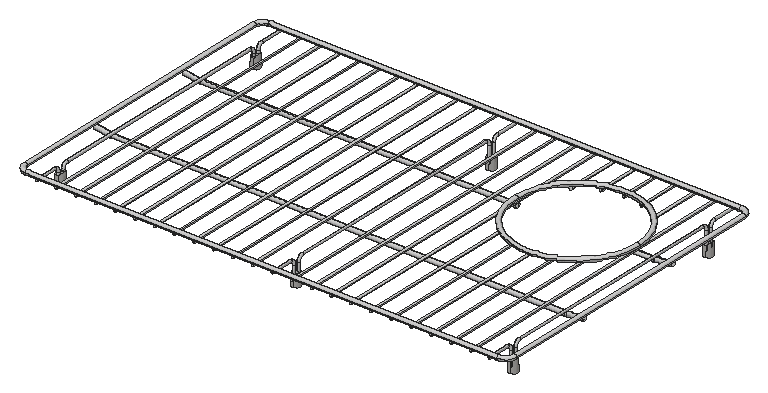
Revit family "Accessory-Sink_Rack-KOHLER-K-33716 ", category Specialty Equipment, host Face, Revit 2021 (continued)
Definition of nested family "K-33716"
  Lines and regions (in)
    Masking region 2
      outline origin (0, 0, 0) x (1, 0, 0) y (0, 0, 1)
        loop
          arc (10.7360801, 0.2008967) -> (10.7350105, 0.184016) -> (10.7301289, 0.1678212) r 0.0738665
          line (10.7301289, 0.1678212) -> (10.7361607, 0.0507324)
          arc (10.7361607, 0.0507324) -> (10.7307074, 0.032097) -> (10.714835, 0.0209131) r 0.0294324
          arc (10.714835, 0.0209131) -> (10.560387, -0.0007358) -> (10.4059019, 0.0206475) r 0.5652245
          arc (10.4059019, 0.0206475) -> (10.3892644, 0.0323384) -> (10.3835451, 0.0518518) r 0.0307852
          line (10.3835451, 0.0518518) -> (10.3895192, 0.1678212)
          arc (10.3895192, 0.1678212) -> (10.3846376, 0.184016) -> (10.383568, 0.2008967) r 0.0738665
          line (10.383568, 0.2008967) -> (10.4082205, 0.6794485)
          arc (10.4082205, 0.6794485) -> (10.4176018, 0.699834) -> (10.438443, 0.7081542) r 0.0302626
          line (10.438443, 0.7081542) -> (10.5073312, 0.7081542) -> (10.5073312, 1.1102362) -> (0.4937722, 1.1102362) -> (0.4937722, 0.7585914) -> (0.5652892, 0.7592767)
          arc (0.5652892, 0.7592767) -> (0.5840427, 0.7500995) -> (0.5923039, 0.7309248) r 0.0300783
          line (0.5923039, 0.7309248) -> (0.6168915, 0.2617661)
          arc (0.6168915, 0.2617661) -> (0.6160958, 0.2457525) -> (0.6120722, 0.2302322) r 0.0787259
          line (0.6120722, 0.2302322) -> (0.6173386, 0.1363222)
          arc (0.6173386, 0.1363222) -> (0.6128022, 0.119837) -> (0.5992236, 0.1094466) r 0.0268091
          arc (0.5992236, 0.1094466) -> (0.4416879, 0.0826766) -> (0.2837425, 0.1069122) r 0.5005979
          arc (0.2837425, 0.1069122) -> (0.2693211, 0.1176745) -> (0.2644773, 0.1350048) r 0.0278822
          line (0.2644773, 0.1350048) -> (0.2698175, 0.2302322)
          arc (0.2698175, 0.2302322) -> (0.265794, 0.2457525) -> (0.2649983, 0.2617661) r 0.0787259
          line (0.2649983, 0.2617661) -> (0.2895858, 0.7309248)
          arc (0.2895858, 0.7309248) -> (0.2990414, 0.7512847) -> (0.3199612, 0.759427) r 0.0300783
          line (0.3199612, 0.759427) -> (0.3883755, 0.7586576) -> (0.3883755, 1.1102362) -> (-10.4986829, 1.1102362) -> (-10.4986829, 1.0670309) -> (-10.4263637, 1.0670309)
          arc (-10.4263637, 1.0670309) -> (-10.4071271, 1.0593472) -> (-10.3984779, 1.0405249) r 0.0279218
          line (-10.3984779, 1.0405249) -> (-10.3752022, 0.5820752)
          arc (-10.3752022, 0.5820752) -> (-10.3752111, 0.5607623) -> (-10.3773962, 0.5395617) r 0.208453
          line (-10.3773962, 0.5395617) -> (-10.3749057, 0.5001973)
          arc (-10.3749057, 0.5001973) -> (-10.3806707, 0.4845131) -> (-10.3945067, 0.4751431) r 0.0272489
          arc (-10.3945067, 0.4751431) -> (-10.5509485, 0.452756) -> (-10.707419, 0.4749424) r 0.5603162
          arc (-10.707419, 0.4749424) -> (-10.7214599, 0.4843631) -> (-10.7274577, 0.5001721) r 0.0278343
          line (-10.7274577, 0.5001721) -> (-10.7252933, 0.5471899)
          arc (-10.7252933, 0.5471899) -> (-10.7266019, 0.5647724) -> (-10.7264229, 0.5824026) r 0.2088618
          line (-10.7264229, 0.5824026) -> (-10.7022823, 1.0404633)
          arc (-10.7022823, 1.0404633) -> (-10.6936098, 1.0592193) -> (-10.6744141, 1.0668693) r 0.0279087
          line (-10.6744141, 1.0668693) -> (-10.6036617, 1.0668693) -> (-10.6036617, 1.1117312) -> (-11.4296039, 1.2163738) -> (-11.4059313, 1.4032209)
          arc (-11.4059313, 1.4032209) -> (-11.4966117, 1.4983606) -> (-11.4029346, 1.5905512) r 0.0936891
          line (-11.4029346, 1.5905512) -> (11.405551, 1.5905512)
          arc (11.405551, 1.5905512) -> (11.4994791, 1.4969866) -> (11.4062794, 1.4026965) r 0.0939288
          line (11.4062794, 1.4026965) -> (11.4307649, 1.2168021) -> (10.6128099, 1.1111408) -> (10.6128099, 0.7076606) -> (10.6786793, 0.7083554)
        loop
          line (-10.4986918, 1.2992126) -> (-9.6488885, 1.2992126)
          arc (-9.6488885, 1.2992126) -> (-9.6876277, 1.3511147) -> (-9.6488885, 1.4030168) r 0.0541383
          line (-9.6488885, 1.4030168) -> (-10.5447633, 1.4030168)
          arc (-10.5447633, 1.4030168) -> (-10.5091002, 1.3819627) -> (-10.4986918, 1.3418778) r 0.054238
          line (-10.4986918, 1.3418778) -> (-10.4986918, 1.2992126)
        loop
          line (-11.3712419, 1.4030819) -> (-10.6036441, 1.3011141) -> (-10.6036441, 1.3460698)
          arc (-10.6036441, 1.3460698) -> (-10.5925477, 1.3822607) -> (-10.5609346, 1.4030819) r 0.0558959
          line (-10.5609346, 1.4030819) -> (-11.3712419, 1.4030819)
        loop
          line (11.3544245, 1.4030168) -> (10.569525, 1.4030168)
          arc (10.569525, 1.4030168) -> (10.6008503, 1.3826739) -> (10.6130106, 1.3473577) r 0.057363
          line (10.6130106, 1.3473577) -> (10.6130106, 1.2994275) -> (11.3544245, 1.4030168)
        loop
          line (10.5073312, 1.2992126) -> (10.5073312, 1.3489527)
          arc (10.5073312, 1.3489527) -> (10.5191431, 1.3832568) -> (10.5495707, 1.4030168) r 0.0557192
          line (10.5495707, 1.4030168) -> (9.7275457, 1.4030168)
          arc (9.7275457, 1.4030168) -> (9.7681586, 1.3511147) -> (9.7275457, 1.2992126) r 0.0534711
          line (9.7275457, 1.2992126) -> (10.5073312, 1.2992126)
        loop
          line (0.4937722, 1.2992126) -> (1.3388757, 1.2992126)
          arc (1.3388757, 1.2992126) -> (1.304245, 1.3511147) -> (1.3388757, 1.4030168) r 0.056209
          line (1.3388757, 1.4030168) -> (0.4519991, 1.4030168)
          arc (0.4519991, 1.4030168) -> (0.4819454, 1.3857272) -> (0.4937722, 1.3532336) r 0.0505512
          line (0.4937722, 1.3532336) -> (0.4937722, 1.2992126)
        loop
          line (0.3883755, 1.2992126) -> (0.3883755, 1.3496969)
          arc (0.3883755, 1.3496969) -> (0.4000248, 1.3835289) -> (0.4300335, 1.4030168) r 0.0549521
          line (0.4300335, 1.4030168) -> (-0.464029, 1.4030168)
          arc (-0.464029, 1.4030168) -> (-0.4216063, 1.3511147) -> (-0.464029, 1.2992126) r 0.0529612
          line (-0.464029, 1.2992126) -> (0.3883755, 1.2992126)
        loop
          arc (-9.6227313, 1.4030168) -> (-9.581514, 1.3511147) -> (-9.6227313, 1.2992126) r 0.053287
          line (-9.6227313, 1.2992126) -> (-8.7376038, 1.2992126)
          arc (-8.7376038, 1.2992126) -> (-8.771843, 1.3511147) -> (-8.7376038, 1.4030168) r 0.056458
          line (-8.7376038, 1.4030168) -> (-9.6227313, 1.4030168)
        loop
          line (-8.703564, 1.2992126) -> (-7.8213348, 1.2992126)
          arc (-7.8213348, 1.2992126) -> (-7.8557754, 1.3511147) -> (-7.8213348, 1.4030168) r 0.0563286
          line (-7.8213348, 1.4030168) -> (-8.7144743, 1.4030168)
          arc (-8.7144743, 1.4030168) -> (-8.6663995, 1.3555942) -> (-8.703564, 1.2992126) r 0.0532044
        loop
          arc (-7.7949835, 1.4030168) -> (-7.7501505, 1.354054) -> (-7.787564, 1.2992126) r 0.0534507
          line (-7.787564, 1.2992126) -> (-6.9039357, 1.2992126)
          arc (-6.9039357, 1.2992126) -> (-6.939445, 1.3511147) -> (-6.9039357, 1.4030168) r 0.0556859
          line (-6.9039357, 1.4030168) -> (-7.7949835, 1.4030168)
        loop
          arc (-6.8718741, 1.4030168) -> (-6.8339313, 1.3511147) -> (-6.8718741, 1.2992126) r 0.0544699
          line (-6.8718741, 1.2992126) -> (-5.9871708, 1.2992126)
          arc (-5.9871708, 1.2992126) -> (-6.0238583, 1.3511147) -> (-5.9871708, 1.4030168) r 0.0550569
          line (-5.9871708, 1.4030168) -> (-6.8718741, 1.4030168)
        loop
          arc (-5.9597496, 1.4030168) -> (-5.9178439, 1.3511147) -> (-5.9597496, 1.2992126) r 0.0530944
          line (-5.9597496, 1.2992126) -> (-5.0755569, 1.2992126)
          arc (-5.0755569, 1.2992126) -> (-5.1077722, 1.3511147) -> (-5.0755569, 1.4030168) r 0.0579173
          line (-5.0755569, 1.4030168) -> (-5.9597496, 1.4030168)
        loop
          arc (-5.0445077, 1.4030168) -> (-5.0020901, 1.3511147) -> (-5.0445077, 1.2992126) r 0.0529624
          line (-5.0445077, 1.2992126) -> (-4.1577547, 1.2992126)
          arc (-4.1577547, 1.2992126) -> (-4.1916269, 1.3511147) -> (-4.1577547, 1.4030168) r 0.0567007
          line (-4.1577547, 1.4030168) -> (-5.0445077, 1.4030168)
        loop
          arc (-4.1269586, 1.4030168) -> (-4.0859185, 1.3511147) -> (-4.1269586, 1.2992126) r 0.0533395
          line (-4.1269586, 1.2992126) -> (-3.2484249, 1.2992126)
          arc (-3.2484249, 1.2992126) -> (-3.2756251, 1.3511147) -> (-3.2484249, 1.4030168) r 0.0631186
          line (-3.2484249, 1.4030168) -> (-4.1269586, 1.4030168)
        loop
          arc (-3.2051504, 1.4030168) -> (-3.1698544, 1.3511147) -> (-3.2051504, 1.2992126) r 0.0558085
          line (-3.2051504, 1.2992126) -> (-2.318204, 1.2992126)
          arc (-2.318204, 1.2992126) -> (-2.3602297, 1.3511147) -> (-2.318204, 1.4030168) r 0.0530626
          line (-2.318204, 1.4030168) -> (-3.2051504, 1.4030168)
        loop
          arc (-2.2961303, 1.4030168) -> (-2.2540902, 1.3511147) -> (-2.2961303, 1.2992126) r 0.0530588
          line (-2.2961303, 1.2992126) -> (-1.4054654, 1.2992126)
          arc (-1.4054654, 1.2992126) -> (-1.4440891, 1.3511147) -> (-1.4054654, 1.4030168) r 0.0541846
          line (-1.4054654, 1.4030168) -> (-2.2961303, 1.4030168)
        loop
          arc (-1.380238, 1.4030168) -> (-1.3390621, 1.3511147) -> (-1.380238, 1.2992126) r 0.0532991
          line (-1.380238, 1.2992126) -> (-0.4882403, 1.2992126)
          arc (-0.4882403, 1.2992126) -> (-0.5278368, 1.3511147) -> (-0.4882403, 1.4030168) r 0.0538142
          line (-0.4882403, 1.4030168) -> (-1.380238, 1.4030168)
        loop
          arc (1.3704101, 1.4030168) -> (1.4102077, 1.3511147) -> (1.3704101, 1.2992126) r 0.0537429
          line (1.3704101, 1.2992126) -> (2.260332, 1.2992126)
          arc (2.260332, 1.2992126) -> (2.2203721, 1.3511147) -> (2.260332, 1.4030168) r 0.0536866
          line (2.260332, 1.4030168) -> (1.3704101, 1.4030168)
        loop
          arc (2.2738316, 1.4030168) -> (2.3262449, 1.3574614) -> (2.288436, 1.2992126) r 0.0529294
          line (2.288436, 1.2992126) -> (3.1717793, 1.2992126)
          arc (3.1717793, 1.2992126) -> (3.1361767, 1.3511147) -> (3.1717793, 1.4030168) r 0.0556332
          line (3.1717793, 1.4030168) -> (2.2738316, 1.4030168)
        loop
          arc (3.1992921, 1.4030168) -> (3.240196, 1.3511147) -> (3.1992921, 1.2992126) r 0.0533807
          line (3.1992921, 1.2992126) -> (4.0867391, 1.2992126)
          arc (4.0867391, 1.2992126) -> (4.052253, 1.3511147) -> (4.0867391, 1.4030168) r 0.0562998
          line (4.0867391, 1.4030168) -> (3.1992921, 1.4030168)
        loop
          arc (4.1133166, 1.4030168) -> (4.1577684, 1.3539193) -> (4.120436, 1.2992126) r 0.0535097
          line (4.120436, 1.2992126) -> (5.0230807, 1.2992126)
          arc (5.0230807, 1.2992126) -> (4.9873728, 1.3511147) -> (5.0230807, 1.4030168) r 0.0555742
          line (5.0230807, 1.4030168) -> (4.1133166, 1.4030168)
        loop
          arc (5.0526502, 1.4030168) -> (5.0929096, 1.3511147) -> (5.0526502, 1.2992126) r 0.0535856
          line (5.0526502, 1.2992126) -> (5.953625, 1.2992126)
          arc (5.953625, 1.2992126) -> (5.9223737, 1.3511147) -> (5.953625, 1.4030168) r 0.0587251
          line (5.953625, 1.4030168) -> (5.0526502, 1.4030168)
        loop
          arc (5.9831773, 1.4030168) -> (6.0277634, 1.3539787) -> (5.990436, 1.2992126) r 0.0534949
          line (5.990436, 1.2992126) -> (6.8948457, 1.2992126)
          arc (6.8948457, 1.2992126) -> (6.857476, 1.3534449) -> (6.900838, 1.4030168) r 0.0536397
          line (6.900838, 1.4030168) -> (5.9831773, 1.4030168)
        loop
          arc (6.9174255, 1.4030168) -> (6.9627348, 1.3543021) -> (6.925436, 1.2992126) r 0.0534201
          line (6.925436, 1.2992126) -> (7.8316177, 1.2992126)
          arc (7.8316177, 1.2992126) -> (7.7920708, 1.3511147) -> (7.8316177, 1.4030168) r 0.053832
          line (7.8316177, 1.4030168) -> (6.9174255, 1.4030168)
        loop
          arc (7.8546405, 1.4030168) -> (7.8978772, 1.3533669) -> (7.860436, 1.2992126) r 0.0536428
          line (7.860436, 1.2992126) -> (8.7620875, 1.2992126)
          arc (8.7620875, 1.2992126) -> (8.7271064, 1.3511147) -> (8.7620875, 1.4030168) r 0.0559945
          line (8.7620875, 1.4030168) -> (7.8546405, 1.4030168)
        loop
          arc (8.7848893, 1.4030168) -> (8.8326194, 1.3554284) -> (8.795436, 1.2992126) r 0.0532253
          line (8.795436, 1.2992126) -> (9.6969816, 1.2992126)
          arc (9.6969816, 1.2992126) -> (9.6620977, 1.3511147) -> (9.6969816, 1.4030168) r 0.0560533
          line (9.6969816, 1.4030168) -> (8.7848893, 1.4030168)
    Masking region 3
      outline origin (0, 0, 0) x (0, 1, 0) y (0, 0, 1)
        loop
          line (-5.3361579, 1.2992126) -> (-2.6751987, 1.2992126) -> (-2.6751987, 1.2040038)
          arc (-2.6751987, 1.2040038) -> (-2.5814536, 1.1102588) -> (-2.4877086, 1.2040038) r 0.093745
          line (-2.4877086, 1.2040038) -> (-2.4877086, 1.2992126) -> (2.4887096, 1.2992126) -> (2.4887096, 1.204541)
          arc (2.4887096, 1.204541) -> (2.5825733, 1.1106773) -> (2.6764371, 1.204541) r 0.0938637
          line (2.6764371, 1.204541) -> (2.6764371, 1.2992126) -> (5.3371966, 1.2992126)
          arc (5.3371966, 1.2992126) -> (5.4515062, 1.251864) -> (5.4988548, 1.1375544) r 0.1616582
          line (5.4988548, 1.1375544) -> (5.4988548, 0.9813646) -> (5.4688222, 0.9660622)
          arc (5.4688222, 0.9660622) -> (5.4573661, 0.9557355) -> (5.4526247, 0.941059) r 0.0297335
          line (5.4526247, 0.941059) -> (5.4326026, 0.5418958)
          arc (5.4326026, 0.5418958) -> (5.4371247, 0.521007) -> (5.451533, 0.5052212) r 0.0410574
          line (5.451533, 0.5052212) -> (5.4295423, 0.0856139)
          arc (5.4295423, 0.0856139) -> (5.4344075, 0.0684054) -> (5.4487568, 0.057733) r 0.0277648
          arc (5.4487568, 0.057733) -> (5.6921031, 0.0001199) -> (5.9350295, 0.0594788) r 0.534626
          arc (5.9350295, 0.0594788) -> (5.9463899, 0.0703322) -> (5.9500406, 0.0856139) r 0.0277648
          line (5.9500406, 0.0856139) -> (5.9280499, 0.5052212)
          arc (5.9280499, 0.5052212) -> (5.9424583, 0.521007) -> (5.9469803, 0.5418958) r 0.0410574
          line (5.9469803, 0.5418958) -> (5.9269398, 0.9414257)
          arc (5.9269398, 0.9414257) -> (5.9216002, 0.9570182) -> (5.9087975, 0.9673975) r 0.0298387
          line (5.9087975, 0.9673975) -> (5.8788655, 0.9801029) -> (5.8788655, 1.1382062)
          arc (5.8788655, 1.1382062) -> (5.9260232, 1.2520549) -> (6.0398719, 1.2992126) r 0.1610064
          line (6.0398719, 1.2992126) -> (7.0785462, 1.2992126) -> (7.0785462, 1.4030793)
          arc (7.0785462, 1.4030793) -> (7.1712034, 1.4973523) -> (7.0774659, 1.5905512) r 0.0937391
          line (7.0774659, 1.5905512) -> (-7.0776322, 1.5905512)
          arc (-7.0776322, 1.5905512) -> (-7.1716846, 1.4964377) -> (-7.07751, 1.4024465) r 0.0940524
          line (-7.07751, 1.4024465) -> (-7.07751, 1.2992126) -> (-6.0393237, 1.2992126)
          arc (-6.0393237, 1.2992126) -> (-5.924905, 1.2518189) -> (-5.8775113, 1.1374002) r 0.1618124
          line (-5.8775113, 1.1374002) -> (-5.8775113, 1.0360419) -> (-5.9087975, 1.0227617)
          arc (-5.9087975, 1.0227617) -> (-5.9216002, 1.0123824) -> (-5.9269398, 0.9967899) r 0.0298387
          line (-5.9269398, 0.9967899) -> (-5.9469803, 0.5972599)
          arc (-5.9469803, 0.5972599) -> (-5.943689, 0.5789758) -> (-5.9326758, 0.5640142) r 0.0410574
          line (-5.9326758, 0.5640142) -> (-5.9500406, 0.2326749)
          arc (-5.9500406, 0.2326749) -> (-5.9463899, 0.2173933) -> (-5.9350295, 0.2065399) r 0.0277648
          arc (-5.9350295, 0.2065399) -> (-5.6921031, 0.147181) -> (-5.4487568, 0.2047941) r 0.534626
          arc (-5.4487568, 0.2047941) -> (-5.4344075, 0.2154665) -> (-5.4295423, 0.2326749) r 0.0277648
          line (-5.4295423, 0.2326749) -> (-5.4469071, 0.5640142)
          arc (-5.4469071, 0.5640142) -> (-5.4358939, 0.5789758) -> (-5.4326026, 0.5972599) r 0.0410574
          line (-5.4326026, 0.5972599) -> (-5.4526247, 0.9964231)
          arc (-5.4526247, 0.9964231) -> (-5.4573661, 1.0110996) -> (-5.4688222, 1.0214263) r 0.0297335
          line (-5.4688222, 1.0214263) -> (-5.4975069, 1.0360419) -> (-5.4975069, 1.1378636)
          arc (-5.4975069, 1.1378636) -> (-5.4502488, 1.2519546) -> (-5.3361579, 1.2992126) r 0.161349
    symbolic lines, detail levels medium+fine
      curve 1: arc (-10.6036771, 0, 1.0668714) -> (-10.5511291, 0, 1.0288865) -> (-10.4986983, 0, 1.0670331) r 0.0552221
      curve 2: arc (-10.6744295, 0, 1.0668714) -> (-10.5503749, 0, 1.0218645) -> (-10.4263791, 0, 1.0670331) r 0.193125
      curve 3: arc (-10.7022977, 0, 1.0404655) -> (-10.5506463, 0, 0.995338) -> (-10.398383, 0, 1.0383557) r 0.2840092
      curve 4: arc (-10.7263118, 0, 0.5601202) -> (-10.5507557, 0, 0.5911661) -> (-10.3752887, 0, 0.5596208) r 0.507799
      curve 5: arc (-10.7034062, 0, 0.5292605) -> (-10.550045, 0, 0.5638879) -> (-10.3966837, 0, 0.5292605) r 0.356924
      curve 6: arc (-10.7034062, 0, 0.5292605) -> (-10.550045, 0, 0.5083284) -> (-10.3966837, 0, 0.5292605) r 0.5722737
      curve 7: arc (-10.7263118, 0, 0.5601202) -> (-10.7201525, 0, 0.5407612) -> (-10.7034062, 0, 0.5292605) r 0.031302
      curve 8: arc (-10.3966837, 0, 0.5292605) -> (-10.382503, 0, 0.5377069) -> (-10.3761124, 0, 0.5529251) r 0.0263936
      curve 9: arc (-10.7074344, 0, 0.4749446) -> (-10.5513233, 0, 0.5071335) -> (-10.3952121, 0, 0.4749446) r 0.3946517
      curve 10: line (-10.6714192, 0, 0.5213477) -> (-10.7272176, 0, 0.5057265)
      curve 11: line (-10.4296588, 0, 0.5211341) -> (-10.3752776, 0, 0.5058341)
      curve 12: line (-10.6036595, 0, 1.3011162) -> (-10.6036595, 0, 1.1117311)
      curve 13: line (-10.4987072, 0, 1.2992148) -> (-10.4987072, 0, 1.1102863)
      curve 14: line (-11.3712573, 0, 1.403084) -> (-11.4059467, 0, 1.4032231)
      curve 15: arc (-10.6037237, 0, 1.3487502) -> (-10.5885545, 0, 1.3121285) -> (-10.5519327, 0, 1.2969593) r 0.051791
      curve 16: arc (-10.5519327, 0, 1.2969593) -> (-10.5171088, 0, 1.3096904) -> (-10.4987072, 0, 1.34188) r 0.0539932
      curve 17: line (0.3883601, 0, 1.2992148) -> (0.3883601, 0, 1.1102384)
      curve 18: line (0.4937567, 0, 1.2992148) -> (0.4937567, 0, 1.1102384)
      curve 19: arc (0.3883601, 0, 1.3496991) -> (0.4038104, 0, 1.3123989) -> (0.4411106, 0, 1.2969487) r 0.0527505
      curve 20: arc (0.4937567, 0, 1.3532357) -> (0.4796458, 0, 1.31367) -> (0.4411106, 0, 1.2969487) r 0.0527639
      curve 21: arc (0.3883601, 0, 0.7586597) -> (0.4411759, 0, 0.7229797) -> (0.4939916, 0, 0.7586597) r 0.0569305
      curve 22: arc (0.3199458, 0, 0.7594292) -> (0.4426596, 0, 0.7147428) -> (0.5653733, 0, 0.7594292) r 0.1908358
      curve 23: arc (0.2895704, 0, 0.730927) -> (0.4409295, 0, 0.6882284) -> (0.5922885, 0, 0.730927) r 0.2896201
      curve 24: arc (0.2935538, 0, 0.1038503) -> (0.4376513, 0, 0.1373127) -> (0.5817487, 0, 0.1038503) r 0.3269906
      curve 25: arc (0.2644619, 0, 0.135007) -> (0.4407751, 0, 0.1671106) -> (0.6173232, 0, 0.1363244) r 0.510683
      curve 26: arc (0.2649995, 0, 0.2532213) -> (0.4409295, 0, 0.2852727) -> (0.6168594, 0, 0.2532213) r 0.4988642
      curve 27: arc (0.2899534, 0, 0.2207675) -> (0.4420274, 0, 0.2554904) -> (0.5941015, 0, 0.2207675) r 0.3503765
      curve 28: arc (0.2899534, 0, 0.2207675) -> (0.4420274, 0, 0.1980657) -> (0.5941015, 0, 0.2207675) r 0.5207062
      curve 29: arc (0.5941015, 0, 0.2207675) -> (0.6086362, 0, 0.2301427) -> (0.6160804, 0, 0.2457547) r 0.0316793
      curve 30: arc (0.2657785, 0, 0.2457547) -> (0.2746389, 0, 0.2301389) -> (0.2899534, 0, 0.2207675) r 0.0358957
      curve 31: line (10.5073158, 0, 1.2992148) -> (10.5073158, 0, 1.1102384)
      curve 32: line (10.6129952, 0, 1.2994297) -> (10.6127944, 0, 1.111143)
      curve 33: arc (10.5073158, 0, 1.3489548) -> (10.5225462, 0, 1.3121853) -> (10.5593158, 0, 1.2969549) r 0.052
      curve 34: arc (10.5593158, 0, 1.2969549) -> (10.5948788, 0, 1.3102513) -> (10.6129952, 0, 1.3436177) r 0.054207
      curve 35: arc (10.5073158, 0, 0.7081564) -> (10.5598158, 0, 0.673107) -> (10.6123159, 0, 0.7081564) r 0.0568443
      curve 36: arc (10.4384276, 0, 0.7081564) -> (10.5598087, 0, 0.6663227) -> (10.6811897, 0, 0.7081564) r 0.1970113
      curve 37: arc (10.4082051, 0, 0.6794507) -> (10.5598087, 0, 0.6379804) -> (10.7114122, 0, 0.6794507) r 0.297845
      curve 38: arc (10.3835526, 0, 0.2008989) -> (10.5598087, 0, 0.2325054) -> (10.7360647, 0, 0.2008989) r 0.5072558
      curve 39: arc (10.4094494, 0, 0.1704232) -> (10.5615235, 0, 0.1482709) -> (10.7135976, 0, 0.1704232) r 0.5330648
      curve 40: arc (10.7135976, 0, 0.1704232) -> (10.726839, 0, 0.1779655) -> (10.7353945, 0, 0.1905761) r 0.0336426
      curve 41: arc (10.3836326, 0, 0.1919763) -> (10.394321, 0, 0.1785405) -> (10.4094494, 0, 0.1704232) r 0.042545
      curve 42: arc (10.4058865, 0, 0.0206497) -> (10.5600481, 0, 0.0572557) -> (10.7142097, 0, 0.0206497) r 0.3429189
      curve 43: arc (10.3835297, 0, 0.051854) -> (10.5595769, 0, 0.0831811) -> (10.7356242, 0, 0.051854) r 0.5103255
      curve 44: line (11.3544245, 0, 1.4030168) -> (11.4062794, 0, 1.4026965)
      curve 45: line (10.5495707, 0, 1.4030168) -> (10.5836277, 0, 1.4030168)
      curve 46: line (9.6969816, 0, 1.4030168) -> (9.7310111, 0, 1.4030168)
      curve 47: line (9.6969816, 0, 1.2992126) -> (9.734294, 0, 1.2992126)
      curve 48: line (8.7620875, 0, 1.4030168) -> (8.7952621, 0, 1.4030168)
      curve 49: line (8.7620875, 0, 1.2992126) -> (8.795436, 0, 1.2992126)
      curve 50: line (7.8316177, 0, 1.4030168) -> (7.872739, 0, 1.4030168)
      curve 51: line (7.8316177, 0, 1.2992126) -> (7.8693832, 0, 1.2992126)
      curve 52: line (6.900838, 0, 1.4030168) -> (6.9489829, 0, 1.4030168)
      curve 53: line (6.8948457, 0, 1.2992126) -> (6.9312304, 0, 1.2992126)
      curve 54: line (5.953625, 0, 1.4030168) -> (5.9940654, 0, 1.4030168)
      curve 55: line (5.953625, 0, 1.2992126) -> (5.990436, 0, 1.2992126)
      curve 56: line (5.0230807, 0, 1.2992126) -> (5.0654377, 0, 1.2992126)
      curve 57: line (5.0230807, 0, 1.4030168) -> (5.0654377, 0, 1.4030168)
      curve 58: line (4.0867391, 0, 1.4030168) -> (4.1195053, 0, 1.4030168)
      curve 59: line (4.0867391, 0, 1.2992126) -> (4.120436, 0, 1.2992126)
      curve 60: line (3.1717793, 0, 1.4030168) -> (3.2081334, 0, 1.4030168)
      curve 61: line (3.1717793, 0, 1.2992126) -> (3.204436, 0, 1.2992126)
      curve 62: line (2.260332, 0, 1.4030168) -> (2.2975751, 0, 1.4030168)
      curve 63: line (2.260332, 0, 1.2992126) -> (2.2975751, 0, 1.2992126)
      curve 64: line (1.3388757, 0, 1.4030168) -> (1.3704101, 0, 1.4030168)
      curve 65: line (1.3388757, 0, 1.2992126) -> (1.3704101, 0, 1.2992126)
      curve 66: line (0.4300335, 0, 1.4030168) -> (0.4625213, 0, 1.4030168)
      curve 67: line (-0.4882403, 0, 1.4030168) -> (-0.4560166, 0, 1.4030168)
      curve 68: line (-0.4882403, 0, 1.2992126) -> (-0.4560166, 0, 1.2992126)
      curve 69: line (-1.4054654, 0, 1.4030168) -> (-1.366549, 0, 1.4030168)
      curve 70: line (-1.4054654, 0, 1.2992126) -> (-1.3713179, 0, 1.2992126)
      curve 71: line (-2.318204, 0, 1.4030168) -> (-2.2798249, 0, 1.4030168)
      curve 72: line (-2.318204, 0, 1.2992126) -> (-2.2754229, 0, 1.2992126)
      curve 73: line (-3.2484249, 0, 1.4030168) -> (-3.2051504, 0, 1.4030168)
      curve 74: line (-3.2484249, 0, 1.2992126) -> (-3.2051504, 0, 1.2992126)
      curve 75: line (-4.1577547, 0, 1.4030168) -> (-4.1269586, 0, 1.4030168)
      curve 76: line (-4.1577547, 0, 1.2992126) -> (-4.1269586, 0, 1.2992126)
      curve 77: line (-5.0755569, 0, 1.4030168) -> (-5.0445077, 0, 1.4030168)
      curve 78: line (-5.0755569, 0, 1.2992126) -> (-5.0445077, 0, 1.2992126)
      curve 79: line (-5.9871708, 0, 1.4030168) -> (-5.9549297, 0, 1.4030168)
      curve 80: line (-5.9871708, 0, 1.2992126) -> (-5.955564, 0, 1.2992126)
      curve 81: line (-6.9039357, 0, 1.4030168) -> (-6.8718741, 0, 1.4030168)
      curve 82: line (-6.9039357, 0, 1.2992126) -> (-6.8718741, 0, 1.2992126)
      curve 83: line (-7.8213348, 0, 1.4030168) -> (-7.7825612, 0, 1.4030168)
      curve 84: line (-7.8213348, 0, 1.2992126) -> (-7.787564, 0, 1.2992126)
      curve 85: line (-8.7376038, 0, 1.4030168) -> (-8.7054217, 0, 1.4030168)
      curve 86: line (-8.7376038, 0, 1.2992126) -> (-8.703564, 0, 1.2992126)
      curve 87: line (-9.6488885, 0, 1.4030168) -> (-9.6136821, 0, 1.4030168)
      curve 88: line (-9.6488885, 0, 1.2992126) -> (-9.6095352, 0, 1.2992126)
      curve 89: line (-10.5609346, 0, 1.4030819) -> (-10.5280053, 0, 1.4030819)
      curve 90: arc (0, -5.9350446, 0.2065413) -> (0, -5.6918688, 0.1708069) -> (0, -5.448693, 0.2065413) r 0.8452836
      curve 91: arc (0, -5.9500557, 0.2326764) -> (0, -5.6898066, 0.1999411) -> (0, -5.4295575, 0.2326764) r 1.0508736
      curve 92: arc (0, -5.9066607, 0.6662266) -> (0, -5.6922359, 0.7104563) -> (0, -5.4778111, 0.6662266) r 0.5418789
      curve 93: line (0, -5.932691, 0.5640156) -> (0, -5.9289858, 0.6347153)
      curve 94: arc (0, -5.9289858, 0.6347153) -> (0, -5.922248, 0.6536058) -> (0, -5.9066607, 0.6662266) r 0.0370894
      curve 95: line (0, -5.4469222, 0.5640156) -> (0, -5.4506056, 0.6342989)
      curve 96: arc (0, -5.4778111, 0.6662266) -> (0, -5.4604853, 0.6534352) -> (0, -5.4506056, 0.6342989) r 0.0474102
      curve 97: arc (0, -5.9289858, 0.6347153) -> (0, -5.6902845, 0.678099) -> (0, -5.4515832, 0.6347153) r 0.6783706
      curve 98: line (0, -5.9289858, 0.6347153) -> (0, -5.9262439, 0.6893772)
      curve 99: line (0, -5.8775264, 0.726303) -> (0, -5.9085806, 0.7143824)
      curve 100: arc (0, -5.9085806, 0.7143824) -> (0, -5.9212064, 0.70456) -> (0, -5.9262439, 0.6893772) r 0.027543
      curve 101: line (0, -5.4506056, 0.6342989) -> (0, -5.4506056, 0.6876075)
      curve 102: line (0, -5.497522, 0.7271504) -> (0, -5.4676473, 0.7138493)
      curve 103: arc (0, -5.4676473, 0.7138493) -> (0, -5.4552399, 0.7032524) -> (0, -5.4506056, 0.6876075) r 0.0287253
      curve 104: arc (0, -5.7724262, 0.7241623) -> (0, -5.6889704, 0.7285051) -> (0, -5.6055038, 0.7243747) r 0.8242118
      curve 105: arc (0, -5.7724262, 0.7531037) -> (0, -5.6889813, 0.7596993) -> (0, -5.6055038, 0.7535295) r 0.5488692
      curve 106: line (0, -7.0775251, 1.4024479) -> (0, 7.0782385, 1.4024479)
      curve 107: line (0, 5.6043373, 0.555737) -> (0, 5.6043373, 1.1401844)
      curve 108: line (0, 5.4985765, 0.5272388) -> (0, 5.4988397, 0.981366)
      curve 109: arc (0, 5.6043373, 1.1401844) -> (0, 5.5367735, 1.3164721) -> (0, 5.3686949, 1.4024479) r 0.2637672
      curve 110: line (0, 5.8791283, 0.5286416) -> (0, 5.8788504, 0.9801043)
      curve 111: line (0, 5.7712102, 0.5566581) -> (0, 5.7712102, 1.1390123)
      curve 112: arc (0, 5.7712102, 1.1390123) -> (0, 5.8405332, 1.3175174) -> (0, 6.0121623, 1.4024479) r 0.2644846
      curve 113: line (0, 5.5527283, 1.2969072) -> (0, 5.8235126, 1.2969072)
      curve 114: arc (0, 5.4295272, 0.0856153) -> (0, 5.6897763, 0.0534487) -> (0, 5.9500254, 0.0856153) r 1.0688797
      curve 115: arc (0, 5.4759393, 0.0461428) -> (0, 5.6901883, 0.0216899) -> (0, 5.9045656, 0.04499) r 0.9737676
      curve 116: line (0, 5.4515179, 0.5052226) -> (0, 5.4550277, 0.5721945)
      curve 117: line (0, 5.4711263, 0.598465) -> (0, 5.498627, 0.6143425)
      curve 118: arc (0, 5.4550277, 0.5721945) -> (0, 5.4597411, 0.587374) -> (0, 5.4711263, 0.598465) r 0.0322856
      curve 119: arc (0, 5.6043373, 0.6377341) -> (0, 5.6877738, 0.6444174) -> (0, 5.7712102, 0.6377341) r 0.5241687
      curve 120: arc (0, 5.6043373, 0.6094134) -> (0, 5.6877738, 0.6145147) -> (0, 5.7712102, 0.6094134) r 0.6848964
      curve 121: line (0, 5.4550277, 0.5721945) -> (0, 5.4986116, 0.5878742)
      curve 122: line (0, 5.9280348, 0.5052226) -> (0, 5.9280348, 0.5758904)
      curve 123: line (0, 5.8790724, 0.6195459) -> (0, 5.9091618, 0.605515)
      curve 124: arc (0, 5.9091618, 0.605515) -> (0, 5.9229157, 0.5934532) -> (0, 5.9280348, 0.5758904) r 0.0326871
      curve 125: line (0, 5.9280348, 0.5709901) -> (0, 5.8790922, 0.5872507)
      curve 126: arc (0, 5.4808983, 0.5201185) -> (0, 5.6907074, 0.5627151) -> (0, 5.9005165, 0.5201185) r 0.5380048
      curve 127: arc (0, 5.4505659, 0.4870587) -> (0, 5.6888836, 0.5309619) -> (0, 5.9273167, 0.4876905) r 0.6736217
      curve 128: arc (0, 5.4545325, 0.4885512) -> (0, 5.4639002, 0.5075214) -> (0, 5.4808983, 0.5201185) r 0.0450244
      curve 129: arc (0, 5.9005165, 0.5201185) -> (0, 5.9178804, 0.5071804) -> (0, 5.9273167, 0.4876905) r 0.0455929
      curve 130: arc (0, 5.6043373, 1.0045405) -> (0, 5.6877738, 1.0127083) -> (0, 5.7712102, 1.0045405) r 0.4302478
      curve 131: arc (0, 5.6043373, 0.9774511) -> (0, 5.6877738, 0.980841) -> (0, 5.7712102, 0.9774511) r 1.0285221
      curve 132: arc (0, -5.7724262, 1.035591) -> (0, -5.6889651, 1.0362287) -> (0, -5.6055038, 1.0356058) r 5.5254507
      curve 133: arc (0, -5.7724262, 1.0616602) -> (0, -5.688971, 1.0682476) -> (0, -5.6055038, 1.0618141) r 0.5382262
      curve 134: line (0, -5.926955, 0.9967913) -> (0, -5.8775264, 1.0109647)
      curve 135: line (0, -5.4526399, 0.9964246) -> (0, -5.497522, 1.0101464)
      curve 136: line (0, -5.8775264, 1.0360433) -> (0, -5.8775264, 0.6777927)
      curve 137: line (0, -5.497522, 1.0360433) -> (0, -5.497522, 0.6742643)
      curve 138: line (0, -5.6055038, 0.7034702) -> (0, -5.6055038, 1.1487329)
      curve 139: line (0, -5.7724262, 0.70449) -> (0, -5.7724262, 1.1487329)
      curve 140: arc (0, -5.6055038, 1.1487329) -> (0, -5.5471313, 1.31251) -> (0, -5.3983311, 1.4024479) r 0.258943
      curve 141: arc (0, -5.7724262, 1.1487329) -> (0, -5.841279, 1.3227088) -> (0, -6.0105421, 1.4024479) r 0.254226
      curve 142: line (0, -5.819523, 1.2961382) -> (0, -5.5594531, 1.2961382)
      curve 143: arc (0, -2.6752138, 1.299214) -> (0, -2.654746, 1.3681043) -> (0, -2.5916167, 1.4024479) r 0.0940848
      curve 144: arc (0, -2.4877238, 1.299214) -> (0, -2.5084571, 1.3680841) -> (0, -2.5716401, 1.4024479) r 0.0945608
      curve 145: arc (0, -2.6752138, 1.299214) -> (0, -2.5814688, 1.2232385) -> (0, -2.4877238, 1.299214) r 0.0958231
      curve 146: arc (0, 2.4886945, 1.299214) -> (0, 2.5085852, 1.3651526) -> (0, 2.5664868, 1.4024479) r 0.0996651
      curve 147: arc (0, 2.6764219, 1.299214) -> (0, 2.6565678, 1.3668266) -> (0, 2.5957668, 1.4024479) r 0.0955621
      curve 148: arc (0, 2.4886945, 1.299214) -> (0, 2.5825582, 1.2229977) -> (0, 2.6764219, 1.299214) r 0.0959068
      curve 149: line (-10.6034366, 5.9464352, 0) -> (-10.6034366, 5.442432, 0)
      curve 150: line (-10.4978823, 5.9528435, 0) -> (-10.49942, 5.4454083, 0)
      curve 151: arc (-10.6034366, 5.9155455, 0) -> (-10.7050304, 5.6906711, 0) -> (-10.6034366, 5.4657967, 0) r 0.2996728
      curve 152: arc (-10.6034366, 5.8897578, 0) -> (-10.6743706, 5.69361, 0) -> (-10.6034366, 5.4974621, 0) r 0.3066627
      curve 153: arc (-10.4979893, 5.9175485, 0) -> (-10.3949259, 5.6918419, 0) -> (-10.4993553, 5.4667641, 0) r 0.2967103
      curve 154: arc (-10.4980757, 5.889014, 0) -> (-10.4259597, 5.6902016, 0) -> (-10.4992793, 5.4918299, 0) r 0.3075374
      curve 155: arc (-10.6034366, 5.7812541, 0) -> (-10.5667396, 5.6919153, 0) -> (-10.6034366, 5.6025765, 0) r 0.127096
      curve 156: arc (-10.4984147, 5.7771488, 0) -> (-10.5376409, 5.6910254, 0) -> (-10.4989374, 5.6046659, 0) r 0.1149227
      curve 157: arc (-10.6034366, 5.8269171, 0) -> (-10.5508503, 5.7743308, 0) -> (-10.4982639, 5.8269171, 0) r 0.0525863
      curve 158: arc (-10.4990239, 5.5761078, 0) -> (-10.5579889, 5.6131991, 0) -> (-10.6034366, 5.5604057, 0) r 0.053387
      curve 159: line (0.3879204, 5.9464352, 0) -> (0.3879204, 5.442432, 0)
      curve 160: line (0.4934747, 5.9528435, 0) -> (0.491937, 5.4454083, 0)
      curve 161: arc (0.3879204, 5.9155455, 0) -> (0.2863266, 5.6906711, 0) -> (0.3879204, 5.4657967, 0) r 0.2996728
      curve 162: arc (0.3879204, 5.8897578, 0) -> (0.3169864, 5.69361, 0) -> (0.3879204, 5.4974621, 0) r 0.3066627
      curve 163: arc (0.4933678, 5.9175485, 0) -> (0.5964311, 5.6918419, 0) -> (0.4920017, 5.4667641, 0) r 0.2967103
      curve 164: arc (0.4932813, 5.889014, 0) -> (0.5653973, 5.6902016, 0) -> (0.4920777, 5.4918299, 0) r 0.3075374
      curve 165: arc (0.3879204, 5.7812541, 0) -> (0.4246175, 5.6919153, 0) -> (0.3879204, 5.6025765, 0) r 0.127096
      curve 166: arc (0.4929423, 5.7771488, 0) -> (0.4537161, 5.6910254, 0) -> (0.4924196, 5.6046659, 0) r 0.1149227
      curve 167: arc (0.3879204, 5.8269171, 0) -> (0.4405068, 5.7743308, 0) -> (0.4930931, 5.8269171, 0) r 0.0525863
      curve 168: arc (0.4923331, 5.5761078, 0) -> (0.4333681, 5.6131991, 0) -> (0.3879204, 5.5604057, 0) r 0.053387
      curve 169: line (10.5071841, 5.9464352, 0) -> (10.5071841, 5.442432, 0)
      curve 170: line (10.6127384, 5.9528435, 0) -> (10.6112007, 5.4454083, 0)
      curve 171: arc (10.5071841, 5.9155455, 0) -> (10.4055903, 5.6906711, 0) -> (10.5071841, 5.4657967, 0) r 0.2996728
      curve 172: arc (10.5071841, 5.8897578, 0) -> (10.4362501, 5.69361, 0) -> (10.5071841, 5.4974621, 0) r 0.3066627
      curve 173: arc (10.6126314, 5.9175485, 0) -> (10.7156948, 5.6918419, 0) -> (10.6112654, 5.4667641, 0) r 0.2967103
      curve 174: arc (10.6125449, 5.889014, 0) -> (10.684661, 5.6902016, 0) -> (10.6113414, 5.4918299, 0) r 0.3075374
      curve 175: arc (10.5071841, 5.7812541, 0) -> (10.5438811, 5.6919153, 0) -> (10.5071841, 5.6025765, 0) r 0.127096
      curve 176: arc (10.612206, 5.7771488, 0) -> (10.5729798, 5.6910254, 0) -> (10.6116833, 5.6046659, 0) r 0.1149227
      curve 177: arc (10.5071841, 5.8269171, 0) -> (10.5597704, 5.7743308, 0) -> (10.6123568, 5.8269171, 0) r 0.0525863
      curve 178: arc (10.6115967, 5.5761078, 0) -> (10.5526318, 5.6131991, 0) -> (10.5071841, 5.5604057, 0) r 0.053387
      curve 179: line (10.5067996, -5.4354546, 0) -> (10.5067996, -5.9394577, 0)
      curve 180: line (10.6123539, -5.4290462, 0) -> (10.6108162, -5.9364814, 0)
      curve 181: arc (10.5067996, -5.4663443, 0) -> (10.4052058, -5.6912187, 0) -> (10.5067996, -5.9160931, 0) r 0.2996728
      curve 182: arc (10.5067996, -5.4921319, 0) -> (10.4358656, -5.6882798, 0) -> (10.5067996, -5.8844277, 0) r 0.3066627
      curve 183: arc (10.6122469, -5.4643412, 0) -> (10.7153103, -5.6900478, 0) -> (10.6108809, -5.9151256, 0) r 0.2967103
      curve 184: arc (10.6121605, -5.4928758, 0) -> (10.6842765, -5.6916882, 0) -> (10.6109569, -5.8900599, 0) r 0.3075374
      curve 185: arc (10.5067996, -5.6006356, 0) -> (10.5434966, -5.6899744, 0) -> (10.5067996, -5.7793132, 0) r 0.127096
      curve 186: arc (10.6118215, -5.6047409, 0) -> (10.5725953, -5.6908643, 0) -> (10.6112988, -5.7772239, 0) r 0.1149227
      curve 187: arc (10.5067996, -5.5549726, 0) -> (10.559386, -5.607559, 0) -> (10.6119723, -5.5549726, 0) r 0.0525863
      curve 188: arc (10.6112123, -5.805782, 0) -> (10.5522473, -5.7686906, 0) -> (10.5067996, -5.821484, 0) r 0.053387
      curve 189: line (0.3879204, -5.4354546, 0) -> (0.3879204, -5.9394577, 0)
      curve 190: line (0.4934747, -5.4290462, 0) -> (0.491937, -5.9364814, 0)
      curve 191: arc (0.3879204, -5.4663443, 0) -> (0.2863266, -5.6912187, 0) -> (0.3879204, -5.9160931, 0) r 0.2996728
      curve 192: arc (0.3879204, -5.4921319, 0) -> (0.3169864, -5.6882798, 0) -> (0.3879204, -5.8844277, 0) r 0.3066627
      curve 193: arc (0.4933678, -5.4643412, 0) -> (0.5964311, -5.6900478, 0) -> (0.4920017, -5.9151256, 0) r 0.2967103
      curve 194: arc (0.4932813, -5.4928758, 0) -> (0.5653973, -5.6916882, 0) -> (0.4920777, -5.8900599, 0) r 0.3075374
      curve 195: arc (0.3879204, -5.6006356, 0) -> (0.4246175, -5.6899744, 0) -> (0.3879204, -5.7793132, 0) r 0.127096
      curve 196: arc (0.4929423, -5.6047409, 0) -> (0.4537161, -5.6908643, 0) -> (0.4924196, -5.7772239, 0) r 0.1149227
      curve 197: arc (0.3879204, -5.5549726, 0) -> (0.4405068, -5.607559, 0) -> (0.4930931, -5.5549726, 0) r 0.0525863
      curve 198: arc (0.4923331, -5.805782, 0) -> (0.4333681, -5.7686906, 0) -> (0.3879204, -5.821484, 0) r 0.053387
      curve 199: line (-10.6032444, -5.4354546, 0) -> (-10.6032444, -5.9394577, 0)
      curve 200: line (-10.4994122, -5.4290463, 0) -> (-10.5009478, -5.9364815, 0)
      curve 201: arc (-10.6032444, -5.4648321, 0) -> (-10.7065683, -5.6912187, 0) -> (-10.6032444, -5.9176053, 0) r 0.2996728
      curve 202: arc (-10.6032444, -5.4900711, 0) -> (-10.6759085, -5.6882798, 0) -> (-10.6032444, -5.8864885, 0) r 0.3066627
      curve 203: arc (-10.499519, -5.4643392, 0) -> (-10.3964551, -5.6900466, 0) -> (-10.5008832, -5.9151262, 0) r 0.2967137
      curve 204: arc (-10.4996054, -5.4928736, 0) -> (-10.4274887, -5.691687, 0) -> (-10.5008074, -5.8900602, 0) r 0.3075412
      curve 205: arc (-10.6032444, -5.6024209, 0) -> (-10.5682775, -5.6899744, 0) -> (-10.6032444, -5.777528, 0) r 0.127096
      curve 206: arc (-10.4999439, -5.6047426, 0) -> (-10.53917, -5.6908648, 0) -> (-10.5004659, -5.7772229, 0) r 0.1149192
      curve 207: arc (-10.6032444, -5.5549726, 0) -> (-10.5515188, -5.6066982, 0) -> (-10.4997933, -5.5549726, 0) r 0.0517255
      curve 208: arc (-10.5005531, -5.8060331, 0) -> (-10.5585487, -5.7695604, 0) -> (-10.6032444, -5.8214839, 0) r 0.052508
      curve 209: line (-10.6032901, 6.9850933, 0) -> (-10.4978821, 6.9850933, 0)
      curve 210: line (-9.6876159, 6.9850509, 0) -> (-9.5821041, 6.9850509, 0)
      curve 211: line (-8.7716419, 6.9850509, 0) -> (-8.6661378, 6.9850509, 0)
      curve 212: line (-7.8557857, 6.9850509, 0) -> (-7.7502816, 6.9850509, 0)
      curve 213: line (-6.9395921, 6.9850509, 0) -> (-6.834088, 6.9850509, 0)
      curve 214: line (-6.0236181, 6.9850509, 0) -> (-5.918114, 6.9850509, 0)
      curve 215: line (-5.1077619, 6.9850509, 0) -> (-5.0022578, 6.9850509, 0)
      curve 216: line (-4.1918911, 6.9850509, 0) -> (-4.086387, 6.9850509, 0)
      curve 217: line (-3.2759171, 6.9850509, 0) -> (-3.170413, 6.9850509, 0)
      curve 218: line (-2.3600609, 6.9850509, 0) -> (-2.2545568, 6.9850509, 0)
      curve 219: line (-1.4438673, 6.9850509, 0) -> (-1.3383632, 6.9850509, 0)
      curve 220: line (-0.5278933, 6.9850509, 0) -> (-0.4223892, 6.9850509, 0)
      curve 221: line (0.3879629, 6.9850509, 0) -> (0.493467, 6.9850509, 0)
      curve 222: line (1.3043863, 6.9850509, 0) -> (1.4098904, 6.9850509, 0)
      curve 223: line (2.2203603, 6.9850509, 0) -> (2.3258644, 6.9850509, 0)
      curve 224: line (3.1362165, 6.9850509, 0) -> (3.2417206, 6.9850509, 0)
      curve 225: line (4.0524101, 6.9850509, 0) -> (4.1579142, 6.9850509, 0)
      curve 226: line (4.9868388, 6.9850509, 0) -> (5.092343, 6.9850509, 0)
      curve 227: line (5.9226876, 6.9850509, 0) -> (6.0281918, 6.9850509, 0)
      curve 228: line (6.8570132, 6.9850509, 0) -> (6.9625174, 6.9850509, 0)
      curve 229: line (7.7924031, 6.9850509, 0) -> (7.8979072, 6.9850509, 0)
      curve 230: line (8.7272908, 6.9850509, 0) -> (8.8327949, 6.9850509, 0)
      curve 231: line (9.6619391, 6.9850509, 0) -> (9.7674432, 6.9850509, 0)
      curve 232: line (10.50717, 6.9850509, 0) -> (10.6126741, 6.9850509, 0)
      curve 233: line (-11.3122511, -2.4875574, 0) -> (-11.3122511, -2.6749928, 0)
      curve 234: line (-11.3122511, 2.6763778, 0) -> (-11.3122511, 2.4889425, 0)
      curve 235: line (-10.6032901, -6.9850933, 0) -> (-10.4978821, -6.9850933, 0)
      curve 236: line (-9.6876159, -6.9850509, 0) -> (-9.5821041, -6.9850509, 0)
      curve 237: line (-8.7716419, -6.9850509, 0) -> (-8.6661378, -6.9850509, 0)
      curve 238: line (-7.8557857, -6.9850509, 0) -> (-7.7502816, -6.9850509, 0)
      curve 239: line (-6.9395921, -6.9850509, 0) -> (-6.834088, -6.9850509, 0)
      curve 240: line (-6.0236181, -6.9850509, 0) -> (-5.918114, -6.9850509, 0)
      curve 241: line (-5.1077619, -6.9850509, 0) -> (-5.0022578, -6.9850509, 0)
      curve 242: line (-4.1918911, -6.9850509, 0) -> (-4.086387, -6.9850509, 0)
      curve 243: line (-3.2759171, -6.9850509, 0) -> (-3.170413, -6.9850509, 0)
      curve 244: line (-2.3600609, -6.9850509, 0) -> (-2.2545568, -6.9850509, 0)
      curve 245: line (-1.4438673, -6.9850509, 0) -> (-1.3383632, -6.9850509, 0)
      curve 246: line (-0.5278933, -6.9850509, 0) -> (-0.4223892, -6.9850509, 0)
      curve 247: line (0.3879629, -6.9850509, 0) -> (0.493467, -6.9850509, 0)
      curve 248: line (1.3043863, -6.9850509, 0) -> (1.4098904, -6.9850509, 0)
      curve 249: line (2.2203603, -6.9850509, 0) -> (2.3258644, -6.9850509, 0)
      curve 250: line (3.1362165, -6.9850509, 0) -> (3.2417206, -6.9850509, 0)
      curve 251: line (4.0524101, -6.9850509, 0) -> (4.1579142, -6.9850509, 0)
      curve 252: line (4.9868388, -6.9850509, 0) -> (5.092343, -6.9850509, 0)
      curve 253: line (5.9226876, -6.9850509, 0) -> (6.0281918, -6.9850509, 0)
      curve 254: line (6.8570132, -6.9850509, 0) -> (6.9625174, -6.9850509, 0)
      curve 255: line (7.7924031, -6.9850509, 0) -> (7.8979072, -6.9850509, 0)
      curve 256: line (8.7272908, -6.9850509, 0) -> (8.8327949, -6.9850509, 0)
      curve 257: line (9.6619391, -6.9850509, 0) -> (9.7674432, -6.9850509, 0)
      curve 258: line (10.50717, -6.9850509, 0) -> (10.6126741, -6.9850509, 0)
      curve 259: line (11.3134045, -2.486966, 0) -> (11.3134045, -2.6749928, 0)
      curve 260: line (11.3134045, 2.6769692, 0) -> (11.3134045, 2.4889425, 0)
      curve 261: line (9.6619391, 3.6073123, 0) -> (9.7674432, 3.2604041, 0)
      curve 262: line (9.8455955, 2.6764202, 0) -> (9.8455955, 2.4849971, 0)
      curve 263: line (10.50717, 2.6764202, 0) -> (10.50717, 2.4889849, 0)
      curve 264: line (10.6126741, 2.6769692, 0) -> (10.6126741, 2.4895339, 0)
      curve 265: line (9.7674432, 1.9010132, 0) -> (9.6619391, 1.554105, 0)
      curve 266: line (8.8327949, 0.3601551, 0) -> (8.7272908, 0.2729893, 0)
      curve 267: line (7.8979072, -0.1857092, 0) -> (7.7924031, -0.2211674, 0)
      curve 268: line (6.9625174, -0.3565182, 0) -> (6.8570132, -0.3565296, 0)
      curve 269: line (6.0281918, -0.2217017, 0) -> (5.9226876, -0.1863151, 0)
      curve 270: line (5.092343, 0.2724097, 0) -> (4.9868388, 0.3595178, 0)
      curve 271: line (4.1579142, 1.5515462, 0) -> (4.0524101, 1.897007, 0)
      curve 272: line (3.9731749, 2.4889849, 0) -> (3.9733021, 2.6764202, 0)
      curve 273: line (4.1579142, 3.6098712, 0) -> (4.0524101, 3.2644103, 0)
      curve 274: line (5.092343, 4.8890077, 0) -> (4.9868388, 4.8018995, 0)
      curve 275: line (6.0281918, 5.383119, 0) -> (5.9226876, 5.3477324, 0)
      curve 276: line (6.8570132, 5.5179469, 0) -> (6.9625174, 5.5179355, 0)
      curve 277: line (7.7924031, 5.3825848, 0) -> (7.8979072, 5.3471265, 0)
      curve 278: line (8.7272908, 4.888428, 0) -> (8.8327949, 4.8012622, 0)
      curve 279: line (-10.6032901, -2.6749928, 0) -> (-10.6032901, -2.4875574, 0)
      curve 280: line (-10.49942, -2.4875151, 0) -> (-10.49942, -2.6749504, 0)
      curve 281: line (-9.6876159, -2.4875151, 0) -> (-9.6876159, -2.6749504, 0)
      curve 282: line (-9.5821118, -2.4875151, 0) -> (-9.5821118, -2.6749504, 0)
      curve 283: line (-8.7716419, -2.4875151, 0) -> (-8.7716419, -2.6749504, 0)
      curve 284: line (-8.6661378, -2.4875151, 0) -> (-8.6661378, -2.6749504, 0)
      curve 285: line (-7.8557857, -2.4875151, 0) -> (-7.8557857, -2.6749504, 0)
      curve 286: line (-7.7502816, -2.4875151, 0) -> (-7.7502816, -2.6749504, 0)
      curve 287: line (-6.9398581, -2.6749928, 0) -> (-6.9398581, -2.4875574, 0)
      curve 288: line (-6.8340657, -2.4875151, 0) -> (-6.8340657, -2.6749504, 0)
      curve 289: line (-6.0236072, -2.4875151, 0) -> (-6.0236072, -2.6749504, 0)
      curve 290: line (-5.9181031, -2.4875151, 0) -> (-5.9181031, -2.6749504, 0)
      curve 291: line (-5.1078255, -2.4875151, 0) -> (-5.1078255, -2.6749504, 0)
      curve 292: line (-5.0023214, -2.4875151, 0) -> (-5.0023214, -2.6749504, 0)
      curve 293: line (-4.1919693, -2.4875151, 0) -> (-4.1919693, -2.6749504, 0)
      curve 294: line (-4.0864652, -2.4875151, 0) -> (-4.0864652, -2.6749504, 0)
      curve 295: line (-3.2759171, -2.6749928, 0) -> (-3.2759171, -2.4875574, 0)
      curve 296: line (-3.1705091, -2.4875151, 0) -> (-3.1705091, -2.6749504, 0)
      curve 297: line (-2.3600506, -2.4875151, 0) -> (-2.3600506, -2.6749504, 0)
      curve 298: line (-2.2547388, -2.4875151, 0) -> (-2.2547388, -2.6749504, 0)
      curve 299: line (-1.4442689, -2.4875151, 0) -> (-1.4442689, -2.6749504, 0)
      curve 300: line (-1.3387648, -2.4875151, 0) -> (-1.3387648, -2.6749504, 0)
      curve 301: line (-0.5284127, -2.4875151, 0) -> (-0.5284127, -2.6749504, 0)
      curve 302: line (-0.4229086, -2.4875151, 0) -> (-0.4229086, -2.6749504, 0)
      curve 303: line (0.3875149, -2.6749928, 0) -> (0.3875149, -2.4875574, 0)
      curve 304: line (0.4933074, -2.4875151, 0) -> (0.4933074, -2.6749504, 0)
      curve 305: line (1.3043906, -2.4875151, 0) -> (1.3043906, -2.6749504, 0)
      curve 306: line (1.4098947, -2.4875151, 0) -> (1.4098947, -2.6749504, 0)
      curve 307: line (2.2203165, -2.4875151, 0) -> (2.2203165, -2.6749504, 0)
      curve 308: line (2.3258206, -2.4875151, 0) -> (2.3258206, -2.6749504, 0)
      curve 309: line (3.1362207, -2.4875151, 0) -> (3.1362207, -2.6749504, 0)
      curve 310: line (3.2417249, -2.4875151, 0) -> (3.2417249, -2.6749504, 0)
      curve 311: line (4.0524101, -2.4875151, 0) -> (4.0524101, -2.6749504, 0)
      curve 312: line (4.1579142, -2.4875151, 0) -> (4.1579142, -2.6749504, 0)
      curve 313: line (4.9868388, -2.4875151, 0) -> (4.9868388, -2.6749504, 0)
      curve 314: line (5.092343, -2.4875151, 0) -> (5.092343, -2.6749504, 0)
      curve 315: line (5.9226876, -2.4875151, 0) -> (5.9226876, -2.6749504, 0)
      curve 316: line (6.0281918, -2.4875151, 0) -> (6.0281918, -2.6749504, 0)
      curve 317: line (6.8570132, -2.4875151, 0) -> (6.8570132, -2.6749504, 0)
      curve 318: line (6.9625174, -2.4875151, 0) -> (6.9625174, -2.6749504, 0)
      curve 319: line (7.7924031, -2.4875151, 0) -> (7.7924031, -2.6749504, 0)
      curve 320: line (7.8979072, -2.4875151, 0) -> (7.8979072, -2.6749504, 0)
      curve 321: line (8.7272908, -2.4875151, 0) -> (8.7272908, -2.6749504, 0)
      curve 322: line (8.8327949, -2.4875151, 0) -> (8.8327949, -2.6749504, 0)
      curve 323: line (9.6619391, -2.4875151, 0) -> (9.6619391, -2.6749504, 0)
      curve 324: line (9.7674432, -2.4875151, 0) -> (9.7674432, -2.6749504, 0)
      curve 325: line (10.50717, -2.4875151, 0) -> (10.50717, -2.6749504, 0)
      curve 326: line (10.6126741, -2.486966, 0) -> (10.6126741, -2.6744014, 0)
      curve 327: line (-10.6032901, 2.4889425, 0) -> (-10.6032901, 2.6763778, 0)
      curve 328: line (-10.49942, 2.6764202, 0) -> (-10.49942, 2.4889849, 0)
      curve 329: line (-9.6876159, 2.6764202, 0) -> (-9.6876159, 2.4889849, 0)
      curve 330: line (-9.5821118, 2.6764202, 0) -> (-9.5821118, 2.4889849, 0)
      curve 331: line (-8.7716419, 2.6764202, 0) -> (-8.7716419, 2.4889849, 0)
      curve 332: line (-8.6661378, 2.6764202, 0) -> (-8.6661378, 2.4889849, 0)
      curve 333: line (-7.8557857, 2.6764202, 0) -> (-7.8557857, 2.4889849, 0)
      curve 334: line (-7.7502816, 2.6764202, 0) -> (-7.7502816, 2.4889849, 0)
      curve 335: line (-6.9398581, 2.4889425, 0) -> (-6.9398581, 2.6763778, 0)
      curve 336: line (-6.8340657, 2.6764202, 0) -> (-6.8340657, 2.4889849, 0)
      curve 337: line (-6.0236072, 2.6764202, 0) -> (-6.0236072, 2.4889849, 0)
      curve 338: line (-5.9181031, 2.6764202, 0) -> (-5.9181031, 2.4889849, 0)
      curve 339: line (-5.1078255, 2.6764202, 0) -> (-5.1078255, 2.4889849, 0)
      curve 340: line (-5.0023214, 2.6764202, 0) -> (-5.0023214, 2.4889849, 0)
      curve 341: line (-4.1919693, 2.6764202, 0) -> (-4.1919693, 2.4889849, 0)
      curve 342: line (-4.0864652, 2.6764202, 0) -> (-4.0864652, 2.4889849, 0)
      curve 343: line (-3.2759171, 2.4889425, 0) -> (-3.2759171, 2.6763778, 0)
      curve 344: line (-3.1705091, 2.6764202, 0) -> (-3.1705091, 2.4889849, 0)
      curve 345: line (-2.3600506, 2.6764202, 0) -> (-2.3600506, 2.4889849, 0)
      curve 346: line (-2.2547388, 2.6764202, 0) -> (-2.2547388, 2.4889849, 0)
      curve 347: line (-1.4442689, 2.6764202, 0) -> (-1.4442689, 2.4889849, 0)
      curve 348: line (-1.3387648, 2.6764202, 0) -> (-1.3387648, 2.4889849, 0)
      curve 349: line (-0.5284127, 2.6764202, 0) -> (-0.5284127, 2.4889849, 0)
      curve 350: line (-0.4229086, 2.6764202, 0) -> (-0.4229086, 2.4889849, 0)
      curve 351: line (0.3875149, 2.4889425, 0) -> (0.3875149, 2.6763778, 0)
      curve 352: line (0.4933074, 2.6764202, 0) -> (0.4933074, 2.4889849, 0)
      curve 353: line (1.3043906, 2.6764202, 0) -> (1.3043906, 2.4889849, 0)
      curve 354: line (1.4098947, 2.6764202, 0) -> (1.4098947, 2.4889849, 0)
      curve 355: line (2.2203165, 2.6764202, 0) -> (2.2203165, 2.4889849, 0)
      curve 356: line (2.3258206, 2.6764202, 0) -> (2.3258206, 2.4889849, 0)
      curve 357: line (3.1362207, 2.6764202, 0) -> (3.1362207, 2.4889849, 0)
      curve 358: line (3.2417249, 2.6764202, 0) -> (3.2417249, 2.4889849, 0)
  Dimensions and locks (in)
    plane 8 to plane 7 = 0.94882"
    plane 9 to plane 8 = 10.99213"
    plane 10 to plane 9 = 10.11811"
    plane 11 to level = 1.59055"
    plane 11 to plane 12 = 0.48031"
    plane 11 to plane 13 = 1.1378"
    plane 11 to plane 16 = 0.29134"
    plane 14 to plane 15 = 11.38189"
    plane 4 to plane 14 = 1.48031"
    plane 7 to plane 6 = 23"
    plane 5 to plane 4 = 14.34252"
    plane 18 to plane 4 = 4.59055"
    plane 7 to plane 17 = 18.40945"
    aligned and locked: plane 2 to level
  Automatic sketch dimensions
    Sweep 1 sketch curve to plane 7 = 0"
    plane 4 to Sweep 1 sketch curve = 0"
    plane 5 to Sweep 1 sketch curve = 0"
    Sweep 1 sketch curve to plane 6 = 0"
    Sweep 1 sketch curve to plane 8 = 0.45011"
    Sweep 1 sketch curve to plane 8 = 0.45"
    plane 10 to Sweep 1 sketch curve = 0.44213"  (x2)
    Sweep 1 sketch curve to profile plane = 0.09253"
    level to Sweep 1 sketch curve = 1.49589"
    Sweep 2 sketch curve to plane 8 = 0.06534"
    Sweep 2 sketch curve to plane 8 = 0.01555"
    Sweep 2 sketch curve to plane 8 = 0.01553"
    plane 10 to Sweep 2 sketch curve = 0.00493"
    plane 10 to Sweep 2 sketch curve = 0.00495"
    Sweep 2 sketch curve to Sweep 2 sketch curve = 0.06822"
    Sweep 2 sketch curve to plane 16 = 0.09425"
    Sweep 2 sketch curve to plane 16 = 0.09332"
    Sweep 2 sketch curve to Sweep 2 sketch curve = 0.00316"
    Sweep 2 sketch curve to Sweep 2 sketch curve = 0.0044"
    plane 16 to Sweep 2 sketch curve = 0.01054"  (x2)
    plane 7 to Sweep 2 sketch curve = 0.094"
    Sweep 2 sketch curve to plane 6 = 0.09372"
    Sweep 2 sketch curve to profile plane = 0"
    plane 1 "Center (Front/Back)" to Sweep 2 sketch curve = 2.58135"
    Sweep 3 sketch curve to plane 8 = 0.06534"
    Sweep 3 sketch curve to plane 8 = 0.01555"
    Sweep 3 sketch curve to plane 8 = 0.01553"
    plane 10 to Sweep 3 sketch curve = 0.00493"
    plane 10 to Sweep 3 sketch curve = 0.00495"
    Sweep 3 sketch curve to Sweep 3 sketch curve = 0.06822"
    Sweep 3 sketch curve to plane 16 = 0.09425"
    Sweep 3 sketch curve to plane 16 = 0.09332"
    Sweep 3 sketch curve to Sweep 3 sketch curve = 0.00316"
    Sweep 3 sketch curve to Sweep 3 sketch curve = 0.0044"
    plane 16 to Sweep 3 sketch curve = 0.01054"  (x2)
    plane 7 to Sweep 3 sketch curve = 0.094"
    Sweep 3 sketch curve to plane 6 = 0.09372"
    Sweep 3 sketch curve to profile plane = 0"
    profile plane to Sweep 3 sketch curve = 2.58135"
    Sweep 4 sketch curve to plane 17 = 0"
    plane 18 to Sweep 4 sketch curve = 0"
    Sweep 4 sketch curve to profile plane = 0"
    level to Sweep 4 sketch curve = 1.49627"
    plane 12 to Sweep 5 sketch curve = 0.0355"
    plane 15 to Sweep 5 sketch curve = 0.33781"
    Sweep 5 sketch curve to plane 13 = 0.02483"
    plane 15 to Sweep 5 sketch curve = 0.1866"
    Sweep 5 sketch curve to plane 15 = 0.00342"
    plane 12 to Sweep 5 sketch curve = 0.0306"
    Sweep 5 sketch curve to Sweep 5 sketch curve = 0.15611"
    plane 14 to Sweep 5 sketch curve = 0.34361"
    plane 12 to Sweep 5 sketch curve = 0.03519"
    plane 14 to Sweep 5 sketch curve = 0.00206"
    Sweep 5 sketch curve to plane 16 = 0.00227"
    Sweep 5 sketch curve to Sweep 5 sketch curve = 0.14969"
    Sweep 5 sketch curve to plane 13 = 0.17083"
    Sweep 5 sketch curve to plane 5 = 3/32"
    plane 4 to Sweep 5 sketch curve = 0.09236"
    Sweep 5 sketch curve to profile plane = 0.05275"
    plane 3 "Center (Left/Right)" to Sweep 5 sketch curve = 10.56014"
    plane 12 to Sweep 6 sketch curve = 0.0355"
    plane 15 to Sweep 6 sketch curve = 0.33781"
    plane 13 to Sweep 6 sketch curve = 0.02438"
    plane 15 to Sweep 6 sketch curve = 0.1866"
    Sweep 6 sketch curve to plane 15 = 0.00342"
    plane 12 to Sweep 6 sketch curve = 0.0306"
    Sweep 6 sketch curve to Sweep 6 sketch curve = 0.15611"
    plane 14 to Sweep 6 sketch curve = 0.34361"
    plane 12 to Sweep 6 sketch curve = 0.03519"
    plane 14 to Sweep 6 sketch curve = 0.00206"
    Sweep 6 sketch curve to plane 16 = 0.00227"
    Sweep 6 sketch curve to Sweep 6 sketch curve = 0.14969"
    Sweep 6 sketch curve to plane 13 = 0.09701"
    Sweep 6 sketch curve to plane 5 = 3/32"
    plane 4 to Sweep 6 sketch curve = 0.09236"
    Sweep 6 sketch curve to profile plane = 0.05275"
    profile plane to Sweep 6 sketch curve = 10.56014"
    plane 12 to Sweep 7 sketch curve = 0.0355"
    plane 15 to Sweep 7 sketch curve = 0.33781"
    plane 15 to Sweep 7 sketch curve = 0.1866"
    Sweep 7 sketch curve to plane 15 = 0.00342"
    plane 12 to Sweep 7 sketch curve = 0.0306"
    Sweep 7 sketch curve to Sweep 7 sketch curve = 0.15611"
    plane 14 to Sweep 7 sketch curve = 0.34361"
    plane 12 to Sweep 7 sketch curve = 0.03519"
    plane 14 to Sweep 7 sketch curve = 0.00206"
    Sweep 7 sketch curve to plane 16 = 0.00227"
    Sweep 7 sketch curve to Sweep 7 sketch curve = 0.14969"
    Sweep 7 sketch curve to plane 12 = 0.32552"
    plane 13 to Sweep 7 sketch curve = 0.27209"
    Sweep 7 sketch curve to plane 5 = 3/32"
    plane 4 to Sweep 7 sketch curve = 0.09236"
